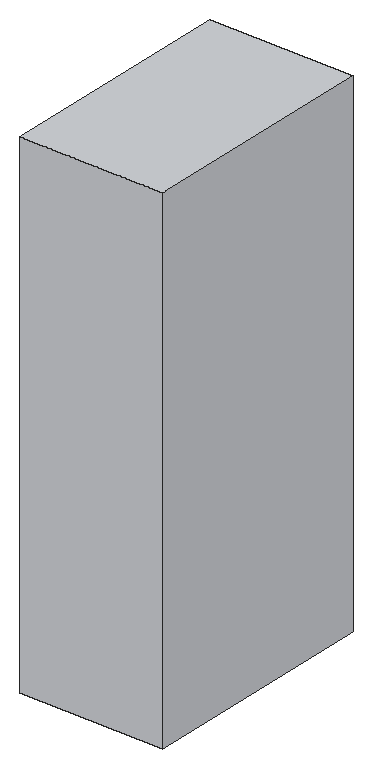
Revit family "第二期車站05_RTU機櫃_600x1000x2100", category 電氣設備, Revit 2025
Family settings
  面板規劃 = 兩欄，回路穿越
  圓形接點標註 = 使用直徑
  組件類型 = 分電盤
  OmniClass 編號 = 23.80.30.11.17
  OmniClass 標題 = Distribution Boards and Control Panels
  以工作平面為基礎 = 否
  總是垂直 = 是
  載入時使用空心切割 = 否
  維持標註方位 = 否
  共用 = 否
  房間計算點 = 否
Parameters (values of type "RTU 與網路機櫃")
  built-in parameter 1155100 [instance] = -1
  Default Elevation = 0 mm
  built-in parameter 1140142 [instance] = -1
  SCADA_高mm [instance] = "2100"
  SCADA_附錄F項次 [instance] = "23"
  SCADA_附錄D項次 [instance] = "14"
  SCADA_編號 [instance] = "P2S05-COMS-RTU-01"
  SCADA_站點 [instance] = "車站 5"
  SCADA_深mm [instance] = "1000"
  SCADA_機櫃類型 [instance] = "RTU 與網路機櫃"
  SCADA_期別 [instance] = "第二期"
  SCADA_房間 [instance] = "COMS/SCADA 設備室"
  SCADA_建物 [instance] = "車站"
  SCADA_尺寸 [instance] = "600W×1000D×2100H"
  SCADA_寬mm [instance] = "600"
  SCADA_定位來源 [instance] = "獨立設備族群（載入專案後定位）"
  SCADA_備註 [instance] = ""
  SCADA_來源文件 [instance] = "Installation SoW_V6（Rev.006, 2026-07-02）附錄 D / F；依原文顏色標示排除已刪除項目"
  SCADA_UPS電源110V [instance] = "雙 UPS 電源（2×4500VA）"
  built-in parameter 1140140 [instance] = 1 (stored number, unit not read)
Reference planes
  plane 1 "中心 (前/後)": y = 0
  plane 2: z = 0
  plane 3 "中心 (左/右)": x = 0
Forms (mm)
  Extrusion 1, solid
    sketch origin (0, 0, 0) x (1, 0, 0) y (0, 1, 0)
      loop
        line (-300, -500) -> (300, -500) -> (300, 500) -> (-300, 500) -> (-300, -500)
    from 0 to 2100
Lines and regions (mm)
  symbolic lines, style "開門線"
    curve 1: line (300, -500, 0) -> (300, -1100, 0)
    curve 2: arc (-300, -500, 0) -> (-124.264, -924.264, 0) -> (300, -1100, 0) r 600
    curve 3: line (-300, 500, 0) -> (-300, 1100, 0)
    curve 4: arc (300, 500, 0) -> (124.264, 924.264, 0) -> (-300, 1100, 0) r 600
Dimensions and locks
  aligned and locked: level to plane 2
